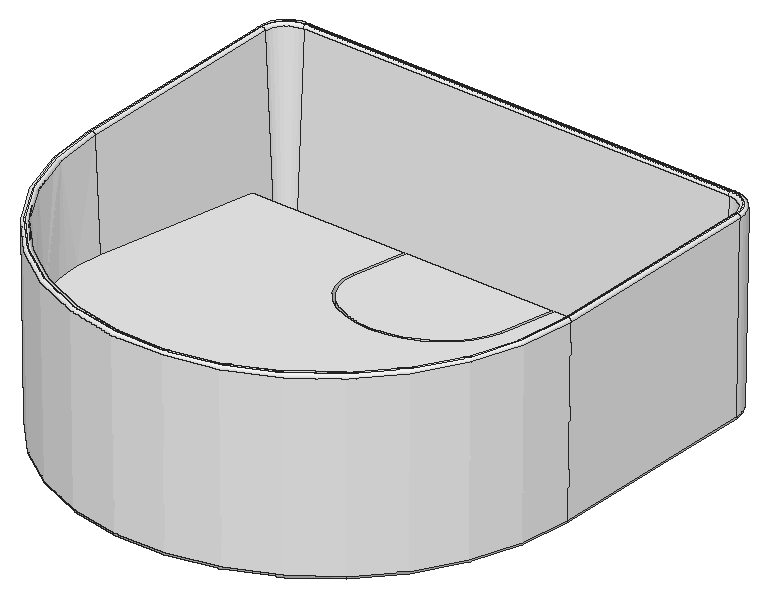
Revit family "Reece_Basin_LAUFEN_Sonar_Above Counter Basin_340 mm", category Plumbing Fixtures, host Face, Revit 2018
Family settings
  Host = Face
  Round Connector Dimension = Use Diameter
  Part Type = Normal
  Cut with Voids When Loaded = No
  Shared = Yes
  Room Calculation Point = Yes
Parameters
  WFU = 0  # constant formula
  URL = "https://www.reece.com.au/product/-9508611"
  Type Comments = "Basin"
  Reece_Waste_Outlet = 40 mm  # constant formula
  Reece_Product_Web Page = "https://www.reece.com.au/product/-9508611"
  Reece_Product_Type = "Basin"  # constant formula
  Reece_Product_Sub Brand = "Sonar"  # constant formula
  Reece_Product_Number = "9508611"
  Reece_Product_Mount = "Above Counter"
  Reece_Product_Description = "LAUFEN Sonar Above Counter Basin 340mm x 340mm White"
  Reece_Product_Brand = "LAUFEN"  # constant formula
  Reece_Overall_Width = 340 mm  # constant formula
  Reece_Overall_Depth = 340 mm  # constant formula
  Reece_Overall_Capacity = 9.60 L  # constant formula
  Reece_Material-Main = Reece_SaphirKeramik_White
  Reece_Detail_Installation = "Countertop"  # constant formula
  Reece_Detail_Disclaimer = "THIS FILE IS THE PROPERTY OF THE REECE GROUP. IT MAY NOT BE REPRODUCED, REVERSE-ENGINEERED OR MODIFIED. ANY REPUBLICATION, TRANSMISSION OR DISTRIBUTION FOR THE PURPOSE OF COMMERCIALLY EXPLOITING THE FILES IS PROHIBITED."  # constant formula
  Reece_Detail_Connector = "No Taphole"  # constant formula
  Reece_Detail_Additional = "Above Counter Basin"  # constant formula
  Model = "Sonar"
  Manufacturer = "LAUFEN"
  Keynote = "Product #9508611, Reece_Basin_LAUFEN_Sonar_Above Counter Basin_340 mm -  "
  HWFU = 0  # constant formula
  Disclaimer = "THIS FILE IS THE PROPERTY OF THE REECE GROUP. IT MAY NOT BE REPRODUCED, REVERSE-ENGINEERED OR MODIFIED. ANY REPUBLICATION, TRANSMISSION OR DISTRIBUTION FOR THE PURPOSE OF COMMERCIALLY EXPLOITING THE FILES IS PROHIBITED."  # constant formula
  Description = "LAUFEN Sonar Above Counter Basin 340mm x 340mm White"
  Default Elevation = 1000 mm
  CWFU = 0  # constant formula
Types (2, lengths in mm): name | Keynote
  (no name) | "Product #9508611, Reece_Basin_LAUFEN_Sonar_Above Counter Basin_340 mm -  "
  No Taphole_SaphirKeramik | "Product #9508611, Reece_Basin_LAUFEN_Sonar_Above Counter Basin_340 mm - No Taphole_SaphirKeramik"
Reference planes
  plane 1 "Center (Front/Back)": y = -88.392
  plane 2 "Bottom": z = 0
  plane 3 "Center (Left/Right)": x = 0
  plane 4 "Top": z = 130
  plane 5: y = 81.608
  plane 6: x = 170
  plane 7: x = -170
  plane 8: y = -258.392
  plane 9 "Center L/U": z = -10
  plane 10: y = 1.608
  plane 11: z = 10
Forms (mm)
  Extrusion 1, void
    sketch origin (0, 0, 0) x (1, 0, 0) y (0, 1, 0)
      loop
        line (-165.478, 44.264) -> (-165.478, -89.343)
        arc (-165.478, -89.343) -> (0.592, -255.413) -> (166.662, -89.343) r 166.07
        line (166.662, -89.343) -> (166.662, 44.264) -> (-165.478, 44.264)
      loop
        line (-204.939, 81.608) -> (-204.939, -274.275) -> (208.625, -274.275) -> (208.625, 81.608) -> (-204.939, 81.608)
    from 0 to 250
  Extrusion 2, void
    sketch origin (0, 0.312, 0) x (1, 0, 0) y (0, 1, 0)
      loop
        circle (0.018, 0.823) r 23.022
      loop
        circle (0.018, 0.823) r 20.5
      loop
        circle (0, 1.295) r 32.846
    from 0 to -10
  Extrusion 3, void
    sketch origin (0, 0, 0) x (1, 0, 0) y (0, 1, 0)
      loop
        line (-53.133, 45.944) -> (-53.133, -1.172)
        arc (-53.133, -1.172) -> (-37.573, -38.73) -> (-0.01, -54.278) r 53.106
        arc (-0.01, -54.278) -> (37.521, -38.716) -> (53.065, -1.178) r 53.1
        line (53.065, -1.178) -> (53.065, 45.93)
        arc (53.065, 45.93) -> (52.488, 47.343) -> (51.088, 47.949) r 2.02
        line (51.088, 47.949) -> (51.088, -1.107)
        arc (51.088, -1.107) -> (36.126, -37.239) -> (0, -52.215) r 51.108
        arc (0, -52.215) -> (-36.152, -37.253) -> (-51.128, -1.107) r 51.108
        line (-51.128, -1.107) -> (-51.128, 47.949)
        arc (-51.128, 47.949) -> (-52.546, 47.362) -> (-53.133, 45.944) r 2.005
    from 31.925 to 68.592
  Revolve 4, solid, material "Reece_SaphirKeramik_White" <- "Reece_Material-Main"
    sketch origin (0, 0.58, -6.25) x (0, 1, 0) y (0, 0, 1)
      loop
        line (1.028, -3.75) -> (1.028, 16.267) -> (-38.08, 16.267) -> (-22.466, -3.75) -> (1.028, -3.75)
      axis (1.028, 16.267) -> (1.028, -3.75)
    angle from 0 to 360
  Sweep 5, solid, material "Reece_SaphirKeramik_White" <- "Reece_Material-Main"
    path origin (0, 0, 0) x (1, 0, 0) y (0, 1, 0)
      loop
        arc (170, 61.108) -> (163.996, 75.604) -> (149.5, 81.608) r 20.5
        line (149.5, 81.608) -> (-150, 81.608)
        arc (-150, 81.608) -> (-164.142, 75.75) -> (-170, 61.608) r 20
        line (-170, 61.608) -> (-170, -88.297)
        arc (-170, -88.297) -> (0, -258.297) -> (170, -88.297) r 170
        line (170, -88.297) -> (170, 61.108)
    profile origin (170, -13.595, 0) x (1, 0, 0) y (0, 0, 1)
      loop
        arc (0.143, 127.965) -> (-0.43, 129.402) -> (-1.857, 130) r 2
        line (-1.857, 130) -> (-2.742, 130)
        arc (-2.742, 130) -> (-4.119, 129.451) -> (-4.74, 128.105) r 2
        line (-4.74, 128.105) -> (-10.655, 15.212)
        arc (-10.655, 15.212) -> (-12.361, 11.51) -> (-16.147, 10) r 5.5
        line (-16.147, 10) -> (-17.491, 10) -> (-17.491, 0) -> (-4.055, 0)
        arc (-4.055, 0) -> (-2.653, 0.574) -> (-2.055, 1.965) r 2
        line (-2.055, 1.965) -> (0.143, 127.965)
  Revolve 6, void
    sketch origin (0, 0, 0) x (0, 1, 0) y (0, 0, 1)
      loop
        line (21.608, -10) -> (21.608, 31.925) -> (1.608, 31.925) -> (1.608, -10) -> (21.608, -10)
      axis (1.608, 31.925) -> (1.608, -10)
    angle from 0 to 360
  Extrusion 7, void
    sketch origin (0, 0, 0) x (0, 1, 0) y (0, 0, 1)
      loop
        line (-54.278, 31.925) -> (48.263, 31.925) -> (48.263, 33.925) -> (-54.278, 33.925) -> (-54.278, 31.925)
    from -53.133 to 53.065
  Extrusion 8, solid, material "Reece_SaphirKeramik_White" <- "Reece_Material-Main"
    sketch origin (0, 0, 0) x (1, 0, 0) y (0, 1, 0)
      loop
        arc (-150.009, 64.117) -> (-151.777, 63.385) -> (-152.509, 61.617) r 2.5
        line (-152.509, 61.617) -> (-152.509, -88.396)
        arc (-152.509, -88.396) -> (0, -240.905) -> (152.509, -88.396) r 152.509
        line (152.509, -88.396) -> (152.509, 61.117)
        arc (152.509, 61.117) -> (151.63, 63.238) -> (149.509, 64.117) r 3
        line (149.509, 64.117) -> (-150.009, 64.117)
    from 0 to 10
  Extrusion 9, solid, material "Reece_SaphirKeramik_White" <- "Reece_Material-Main"
    sketch origin (0, 0, 0) x (0, 1, 0) y (0, 0, 1)
      loop
        line (-256.615, 77.843) -> (-253.072, 10.234)
        arc (-253.072, 10.234) -> (-251.358, 6.517) -> (-247.557, 5) r 5.523
        line (-247.557, 5) -> (76.608, 5) -> (76.608, 31.011) -> (-256.615, 77.843)
    from -193.457 to 196.178
Cuts and joins
  Revolve 6 cuts Revolve 4
  Extrusion 1, Extrusion 3, Extrusion 7 cuts Extrusion 9
  joined: Revolve 4, Sweep 5, Extrusion 8, Extrusion 9
Text (mm)
  text "Reece Copyright © 2018, Reece Ltd." at (276.121, -503.036, 0), in view "Ref. Level"
  text "Reece ©" at (44.384, 258.95, 192.345), in view "Reece Preview"
Dimensions and locks
  equal spacing: plane 7, plane 3 "Center (Left/Right)", plane 6
  "Reece_Overall_Width": plane 7 to plane 6
  "Reece_Overall_Depth": plane 5 to plane 8
  equal spacing: plane 5, plane 1 "Center (Front/Back)", plane 8
  plane 4 "Top" to plane 9 "Center L/U" = 140 mm  (x3)
  plane 4 "Top" to host face = 130 mm
  plane 5 to plane 8 = 340 mm
  plane 7 to plane 6 = 340 mm
  plane 5 to plane 10 = 80 mm  (x2)
  plane 4 "Top" to level = 130 mm  (x2)
  plane 8 to plane 5 = 340 mm
  plane 10 to plane 5 = 80 mm
  plane 6 to plane 7 = 340 mm
  plane 9 "Center L/U" to plane 4 "Top" = 140 mm
  level to plane 4 "Top" = 130 mm
  plane 4 "Top" to plane 11 = 120 mm
  aligned and locked: host face to plane 2 "Bottom"
  aligned and locked: level to host face
Automatic sketch dimensions
  host sketch curve to host sketch curve = 801.051 mm
  host sketch curve to host sketch curve = 660.299 mm
  Extrusion 3 sketch curve to plane 3 "Center (Left/Right)" = 53.133 mm
  Extrusion 3 sketch curve to Extrusion 3 sketch curve = 2.005 mm
  Extrusion 3 sketch curve to plane 3 "Center (Left/Right)" = 0.02 mm  (x2)
  Extrusion 3 sketch curve to Extrusion 3 sketch curve = 0.007 mm
  Extrusion 3 sketch curve to Extrusion 3 sketch curve = 0.016 mm
  plane 3 "Center (Left/Right)" to Extrusion 3 sketch curve = 51.088 mm
  Extrusion 3 sketch curve to Extrusion 3 sketch curve = 2.02 mm
  Extrusion 3 sketch curve to plane 5 = 82.715 mm
  Extrusion 3 sketch curve to Extrusion 3 sketch curve = 0.065 mm  (x2)
  Extrusion 3 sketch curve to Extrusion 3 sketch curve = 0.071 mm
  Extrusion 3 sketch curve to plane 5 = 35.664 mm
  Extrusion 3 sketch curve to plane 5 = 35.678 mm
  Revolve 4 sketch curve to plane 9 "Center L/U" = 0 mm
  level to Revolve 4 sketch curve = 10.017 mm
  plane 10 to Revolve 4 sketch curve = 39.108 mm
  plane 10 to Revolve 4 sketch curve = 23.494 mm
  plane 10 to Revolve 4 sketch curve = 0 mm  (x2)
  Revolve 4 sketch curve to plane 9 "Center L/U" = 33.22 mm
  Revolve 4 sketch curve to Revolve 4 sketch curve = 41.708 mm
  Extrusion 2 sketch curve to Extrusion 2 sketch curve = 0 mm  (x2)
  Extrusion 2 sketch curve to plane 3 "Center (Left/Right)" = 0 mm
  plane 3 "Center (Left/Right)" to Extrusion 2 sketch curve = 0.018 mm
  plane 10 to Extrusion 2 sketch curve = 0.473 mm
  plane 10 to Extrusion 2 sketch curve = 0 mm
  Sweep 5 sketch curve to level = 0 mm
  profile plane to Sweep 5 sketch curve = 17.491 mm
  Sweep 5 sketch curve to Sweep 5 sketch curve = 1.344 mm
  Sweep 5 sketch curve to Sweep 5 sketch curve = 5.492 mm
  profile plane to Sweep 5 sketch curve = 4.74 mm
  profile plane to Sweep 5 sketch curve = 4.055 mm
  Sweep 5 sketch curve to Sweep 5 sketch curve = 1.997 mm
  Sweep 5 sketch curve to Sweep 5 sketch curve = 2 mm
  Sweep 5 sketch curve to Sweep 5 sketch curve = 0.886 mm
  Sweep 5 sketch curve to profile plane = 0.143 mm
  level to Sweep 5 sketch curve = 1.965 mm
  level to Sweep 5 sketch curve = 10 mm
  Sweep 5 sketch curve to Sweep 5 sketch curve = 5.212 mm
  Sweep 5 sketch curve to Sweep 5 sketch curve = 112.753 mm
  Sweep 5 sketch curve to Sweep 5 sketch curve = 0.035 mm
  Sweep 5 sketch curve to Sweep 5 sketch curve = 0 mm
  Revolve 6 sketch curve to plane 10 = 0 mm  (x2)
  Revolve 6 sketch curve to plane 9 "Center L/U" = 0 mm
  Revolve 6 sketch curve to Revolve 6 sketch curve = 20 mm
  level to Revolve 6 sketch curve = 31.925 mm
  plane 9 "Center L/U" to Revolve 6 sketch curve = 0.28 mm
  Revolve 6 sketch curve to Revolve 6 sketch curve = 24.612 mm
  Extrusion 7 sketch curve to plane 1 "Center (Front/Back)" = 34.114 mm
  level to Extrusion 7 sketch curve = 31.925 mm
  Extrusion 7 sketch curve to Extrusion 7 sketch curve = 2 mm
  Extrusion 7 sketch curve to plane 5 = 33.345 mm
  Extrusion 8 sketch curve to plane 3 "Center (Left/Right)" = 0 mm
  Extrusion 8 sketch curve to plane 7 = 19.991 mm
  plane 1 "Center (Front/Back)" to Extrusion 8 sketch curve = 0.004 mm
  Extrusion 8 sketch curve to plane 7 = 17.491 mm
  Extrusion 8 sketch curve to Extrusion 8 sketch curve = 3 mm
  Extrusion 8 sketch curve to plane 5 = 20.491 mm
  Sweep 5 sketch curve to plane 7 = 0 mm
  Sweep 5 sketch curve to plane 5 = 0 mm
  Sweep 5 sketch curve to plane 3 "Center (Left/Right)" = 0 mm
  Sweep 5 sketch curve to Sweep 5 sketch curve = 20 mm
  Sweep 5 sketch curve to plane 6 = 20.5 mm
  Sweep 5 sketch curve to plane 1 "Center (Front/Back)" = 0.095 mm
  Extrusion 9 sketch curve to plane 8 = 1.777 mm
  Extrusion 9 sketch curve to plane 8 = 5.32 mm
  Extrusion 9 sketch curve to plane 8 = 10.835 mm
  Extrusion 9 sketch curve to plane 11 = 5 mm
  Extrusion 9 sketch curve to plane 5 = 5 mm
  plane 11 to Extrusion 9 sketch curve = 0.234 mm
  Extrusion 9 sketch curve to Extrusion 9 sketch curve = 26.011 mm
  Extrusion 9 sketch curve to plane 4 "Top" = 52.157 mm
  Extrusion 1 sketch curve to plane 5 = 0 mm
  plane 7 to Extrusion 1 sketch curve = 34.939 mm
  Extrusion 1 sketch curve to plane 7 = 4.522 mm
  plane 3 "Center (Left/Right)" to Extrusion 1 sketch curve = 0.592 mm
  plane 6 to Extrusion 1 sketch curve = 38.625 mm
  Extrusion 1 sketch curve to plane 5 = 37.344 mm
  plane 1 "Center (Front/Back)" to Extrusion 1 sketch curve = 0.951 mm
  plane 8 to Extrusion 1 sketch curve = 15.883 mm
  radius of Extrusion 2 sketch curve = 23.022 mm
  radius of Extrusion 2 sketch curve = 20.5 mm
  radius of Extrusion 2 sketch curve = 32.846 mm
Connectors
  piping at (0, 1.608, -10), diameter 40, driven by "Reece_Waste_Outlet"
    settings: on cut or joined group of Extrusion 1, Extrusion 3, Revolve 4, Sweep 5, Revolve 6, Extrusion 7, Extrusion 8, Extrusion 9, index 1, connector inside diameter 609.6 mm, connector length 0 mm, flow factor 0, pipe flow 0.0 L/s, pressure drop 0.0 Pa, fitting loss kfactor 0, connector angle 0.00°, fixture units 0, engagement length 0 mm, angle of deflection 0.00°, flow configuration 0, flow direction 2, fitting loss method 0, system type 16, joint type 0, gender type 0, connector reference index -1, connector utility 0, adjustable connector no, is connector primary yes, connector description ""
